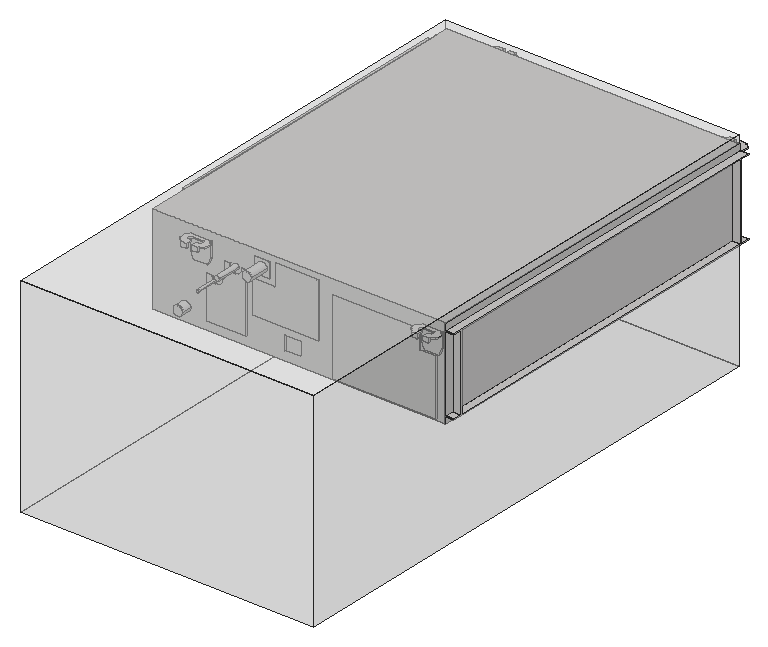
Revit family "outputfile", category 機械設備, Revit 2024
Family settings
  丸型コネクタ寸法 = 半径を使用
  パーツ タイプ = 標準
  OmniClass 番号 = 23.75.10.24.21.27.27
  OmniClass タイトル = Split System Air Conditioning Units
  作業面ベース = いいえ
  常に垂直 = はい
  ロード時にボイドで切り取り = いいえ
  注釈の向きを維持 = いいえ
  共有 = いいえ
  部屋計算ポイント = はい
Parameters (values of type "FMA60RVM4")
  Description = ""
  製造元 = "Daikin"
  書き出し IFC クラス(タイプ) = "IfcUnitaryEquipmentType"
  定義済み IFC タイプ(タイプ) = "AIRCONDITIONINGUNIT"
  Cost = 0
  モデル = "FMA60RVM4"
  Type Comments = ""
  Keynote = ""
  Type Image = (empty or 0)
  Assembly Code = ""
  switch_frequency = yes
  r_Liquid Pipe Size = Liquid Pipe Size / 2  # 3.2 mm
  r_Gas Pipe Size = Gas Pipe Size / 2  # 6.35 mm
  r_Drain Pipe Size = Drain Pipe Size / 2  # 12.5 mm
  lw_power = 770.0 mm  # constant formula
  lh_SA = 138.0 mm  # constant formula
  lw_SA = if(Depth = 550.0 mm, 225.0 mm, if(Depth = 700.0 mm, 300.0 mm, if(Depth = 1000.0 mm, 450.0 mm, if(Depth = 1400.0 mm, 650.0 mm, 725.0 mm))))  # 450.0 mm
  lw_RA = if(Depth = 550.0 mm, 275.0 mm, if(Depth = 700.0 mm, 349.0 mm, if(Depth = 1000.0 mm, 499.0 mm, if(Depth = 1400.0 mm, 699.0 mm, 775.0 mm))))  # 499.0 mm
  lh_power = 60.0 mm + [h***]  # 60.0 mm
  lh_mountinghole1 = lh_mountinghole + [h***]  # 222.0 mm
  lh_RA = 123.0 mm  # constant formula
  ld_power = Depth / 2  # 500.0 mm
  connector_voltage = Voltage_50Hz  # 230 V
  connector_powerinput = [Power Input (Cooling)]  # 0.000 kW
  connector_phase = Phase_50Hz  # 1
  Voltage_comment_50Hz = "220 - 240"
  Voltage_50Hz = 230 V
  URL = ""
  Supply Air Direction [instance] = yes
  Sound Power Level_H speed (dB) = 0
  Phase_50Hz = 1
  Minimum External Static Pressure = 50.00 Pa
  Minimum Circuit Amps_50Hz = 0.0 A
  Maximum Fuse Amps_50Hz = 0.0 A
  Maximum External Static Pressure = 150.00 Pa
  Material_Casing = DAIKIN_GalvanizedSteel_Casing_indoorunit
  lw_mountinghole = 630.0 mm  # constant formula
  lh_gaspipe = 183.0 mm + [h***]  # 183.0 mm
  lh_mountinghole = 222.0 mm  # constant formula
  lh_liquidpipe = 136.0 mm + [h***]  # 136.0 mm
  lh_drainpipe = 207.0 mm + [h***]  # 207.0 mm
  lh_antena = Height - lh_mountinghole + 1.0 mm  # 24.0 mm
  ld_drainpipe = Depth / 2 + 53.0 mm  # 553.0 mm
  ld_liquidpipe = Depth / 2 + 69.0 mm  # 569.0 mm
  ld_gaspipe = Depth / 2 + 65.0 mm  # 565.0 mm
  ld_mountinghole = Depth + 38.0 mm  # 1038.0 mm
  h*** = 0.0 mm  # constant formula
  lw_liquidpipe = 179.0 mm  # constant formula
  lw_gaspipe = 229.0 mm  # constant formula
  lw_drainpipe = 300.0 mm  # constant formula
  Width = 800.0 mm
  Version = "ver.1.0"
  Unit Type = "Duct (M.S.P)"
  Unit Mass Weight = 37.00 kg
  Unit Designation [instance] = ""
  Uniclass2015Version = "Products v1.30"
  Uniclass2015Title = "Split coil room air conditioning units"
  Uniclass2015Code = "Pr_70_65_03_86"
  Total Cooling Capacity [instance] = 0.000 kW
  Sound Pressure Level_M speed (dBA) = 33
  Sound Pressure Level_L speed (dBA) = 31
  Sound Pressure Level_H speed (dBA) = 35
  Series = "Multi Split_Fan Coil Unit"
  Sensible Cooling Capacity [instance] = 0.000 kW
  SA Duct Size Width = 792.0 mm
  SA Duct Size Height = 176.0 mm
  Refrigerant Type = "R32"
  RA Duct Size Width = 952.0 mm
  RA Duct Size Height = 208.0 mm
  Power Input (Cooling) = 0.000 kW
  Option Accessory 3 [instance] = ""
  Option Accessory 2 [instance] = ""
  Option Accessory 1 [instance] = ""
  Nominal Cooling Capacity = 6.000 kW
  Minimum Airflow = 750.00 m³/h
  Median Airflow = 900.00 m³/h
  Maximum Airflow = 1080.00 m³/h
  Load Classification = HVAC
  Liquid Pipe Size = 6.4 mm
  Link_Nested Family [instance] = ""
  IfcVersion = ""
  IfcExportType = "AIRCONDITIONINGUNIT"
  IfcExportAs = "IfcUnitaryEquipmentType"
  Height = 245.0 mm
  Heat Exchanger Type = "Cross Fin Coil"
  Gas Pipe Size = 12.7 mm
  Frequency_50Hz = 50 Hz
  Fan Type = "Sirocco Fan"
  Fan Drive = "Direct Drive"
  FCU Tag No. [instance] = ""
  Drain Pipe Size = 25.0 mm
  Design Supply Airflow [instance] = 0.00 m³/h
  Design Return Airflow [instance] = 0.00 m³/h
  Design External Static Pressure [instance] = 0.00 Pa
  Depth = 1000.0 mm
  既定の高さ = 0.0 mm
  Cooling Entering Wet Bulb Temperature [instance] = 0.00 °C
  Cooling Entering Dry Bulb Temperature [instance] = 0.00 °C
  Cooling Ambient Wet Bulb Temperature [instance] = 0.00 °C
  Cooling Ambient Dry Bulb Temperature [instance] = 0.00 °C
  Clearance visibility [instance] = yes
  Clearance Top = 20.0 mm
  Clearance Right = 0.0 mm
  Clearance Rear = 0.0 mm
  Clearance Left = 0.0 mm
  Clearance Front = 450.0 mm
  Clearance Bottom = 300.0 mm
Reference planes
  plane 1 "Center (Front/Back)": y = 0
  plane 2 "h": z = 0
  plane 3 "Center (Left/Right)": x = 0
  plane 4 "Back": y = 500
  plane 5 "Front": y = -500
  plane 6 "Left": x = -400
  plane 7 "Right": x = 400
  plane 8 "Top": z = 0
  plane 9 "Bottom": z = -245
  plane 10: y = -215
  plane 11: y = 500
  plane 12: y = -950
  plane 13: x = -400
  plane 14: x = 400
  plane 15: z = 20
  plane 16: z = -545
  plane 17: x = -400
  plane 18: x = -399
  plane 19: x = 399
  plane 20: y = 50
  plane 21: y = -1
  plane 22: z = -122
  plane 23: y = -501
  plane 24: z = -109
  plane 25: x = -221
  plane 26: y = -565
  plane 27: z = -62
  plane 28: x = -171
  plane 29: y = -553
  plane 30: z = -38
  plane 31: x = -100
  plane 32: x = -100
  plane 33: x = -221
  plane 34: x = -171
  plane 35: x = 370
  plane 36: x = -266
  plane 37: x = 364
  plane 38: y = -519
  plane 39: y = 519
  plane 40: z = -23
  plane 41: z = -107
  plane 42: y = -569
  plane 43: z = -207
  plane 44: x = -309
  plane 45: y = -526
  plane 46: x = -251
  plane 47: x = -203
  plane 48: x = -144
  plane 49: z = -59
  plane 50: z = -106
  plane 51: z = -221
  plane 52: z = -109
  plane 53: x = -221
  plane 54: z = -62
  plane 55: x = -171
  plane 56: z = -17
  plane 57: z = -59
  plane 58: x = -121
  plane 59: x = -79
  plane 60: x = -125
  plane 61: x = -64
  plane 62: x = 53
  plane 63: z = -164
  plane 64: z = -73
  plane 65: z = -16
  plane 66: x = 93.5
  plane 67: x = 374.5
  plane 68: x = 330
  plane 69: z = -88.5
  plane 70: z = -38
  plane 71: z = -242.5
  plane 72: x = -38.5
  plane 73: x = 6.5
  plane 74: z = -181
  plane 75: z = -221
  plane 76: y = -499
  plane 77: x = -424
  plane 78: x = 424
Forms (mm)
  Extrusion 1, solid, material "DAIKIN_GalvanizedSteel_Casing_indoorunit" <- "Material_Casing"
    sketch origin (0, 0, 0) x (1, 0, 0) y (0, 1, 0)
      loop
        line (-399, 500) -> (-399, -500) -> (399, -500) -> (399, 500) -> (-399, 500)
    from -245 to 0
  Extrusion 2, solid, material "DAIKIN_GalvanizedSteel_Casing_indoorunit" <- "Material_Casing"
    sketch origin (0, 0, 0) x (1, 0, 0) y (0, 0, 1)
      loop
        line (-251, -221) -> (-144, -221) -> (-144, -59) -> (-154.47, -59)
        arc (-154.47, -59) -> (-171, -78.8) -> (-187.53, -59) r 16.8
        line (-187.53, -59) -> (-203, -59) -> (-203, -106) -> (-206.916, -106)
        arc (-206.916, -106) -> (-221, -123.4) -> (-235.084, -106) r 14.4
        line (-235.084, -106) -> (-251, -106) -> (-251, -221)
    from 500 to 501
  Extrusion 3, solid, material "DAIKIN_GalvanizedSteel_Casing_indoorunit" <- "Material_Casing"
    sketch origin (0, 0, 0) x (1, 0, 0) y (0, 0, 1)
      loop
        line (-121, -17) -> (-121, -59) -> (-79, -59) -> (-79, -17) -> (-121, -17)
      loop
        line (-125, -73) -> (-125, -164) -> (53, -164) -> (53, -16) -> (-64, -16) -> (-64, -73) -> (-125, -73)
    from 500 to 501
  Extrusion 4, solid, material "DAIKIN_GalvanizedSteel_Casing_indoorunit" <- "Material_Casing"
    sketch origin (0, 0, 0) x (1, 0, 0) y (0, 0, 1)
      loop
        line (93.5, -38) -> (93.5, -242.5) -> (374.5, -242.5) -> (374.5, -88.5) -> (330, -88.5) -> (330, -38) -> (93.5, -38)
    from 500 to 501
  Extrusion 5, solid, material "DAIKIN_GalvanizedSteel_Casing_indoorunit" <- "Material_Casing"
    sketch origin (0, 0, 0) x (1, 0, 0) y (0, 0, 1)
      loop
        circle (-221, -109) r 3.2
    from 500 to 569
  Extrusion 6, solid, material "DAIKIN_GalvanizedSteel_Casing_indoorunit" <- "Material_Casing"
    sketch origin (0, 0, 0) x (1, 0, 0) y (0, 0, 1)
      loop
        circle (-171, -62) r 6.35
    from 500 to 565
  Extrusion 7, solid, material "DAIKIN_GalvanizedSteel_Casing_indoorunit" <- "Material_Casing"
    sketch origin (0, 0, 0) x (1, 0, 0) y (0, 0, 1)
      loop
        circle (-100, -38) r 12.5
    from 501 to 553
  Extrusion 8, solid, material "DAIKIN_GalvanizedSteel_Casing_indoorunit" <- "Material_Casing"
    sketch origin (0, 0, 0) x (1, 0, 0) y (0, 0, 1)
      loop
        circle (-309, -207) r 13
    from 500 to 526
  Extrusion 9, void
    sketch origin (0, 0, 0) x (1, 0, 0) y (0, 0, 1)
      loop
        line (-38.5, -181) -> (-38.5, -221) -> (6.5, -221) -> (6.5, -181) -> (-38.5, -181)
    from 499 to 500
Cuts and joins
  Extrusion 9 cuts Extrusion 1
Dimensions and locks
  "Height": plane 8 "Top" to plane 9 "Bottom"
  equal spacing: plane 4 "Back", plane 1 "Center (Front/Back)", plane 5 "Front"
  "Depth": plane 4 "Back" to plane 5 "Front"
  equal spacing: plane 6 "Left", plane 3 "Center (Left/Right)", plane 7 "Right"
  "Width": plane 6 "Left" to plane 7 "Right"
  "Clearance Left": plane 13 to plane 6 "Left"
  "Clearance Right": plane 7 "Right" to plane 14
  "Clearance Rear": plane 11 to plane 4 "Back"
  "Clearance Front": plane 5 "Front" to plane 12
  "Clearance Top": plane 15 to plane 8 "Top"
  "Clearance Bottom": plane 9 "Bottom" to plane 16
  locked: plane 17 to plane 18 at 1
  locked: plane 19 to plane 14 at 1
  "lw_SA": plane 11 to plane 20
  "lw_RA": plane 21 to plane 5 "Front"
  "lh_RA": plane 22 to plane 9 "Bottom"
  locked: plane 5 "Front" to plane 23 at 1
  "lw_liquidpipe": plane 25 to plane 6 "Left"
  "lh_liquidpipe": plane 24 to plane 9 "Bottom"
  "lh_gaspipe": plane 27 to plane 9 "Bottom"
  "lw_gaspipe": plane 28 to plane 6 "Left"
  "ld_gaspipe": plane 26 to plane 1 "Center (Front/Back)"
  "ld_drainpipe": plane 29 to plane 1 "Center (Front/Back)"
  "lh_drainpipe": plane 30 to plane 9 "Bottom"
  "lw_drainpipe": plane 31 to plane 6 "Left"
  "lw_drainpipe": plane 6 "Left" to plane 32
  "lw_liquidpipe": plane 6 "Left" to plane 33
  "lw_gaspipe": plane 6 "Left" to plane 34
  "lw_power": plane 6 "Left" to plane 35
  locked: plane 17 to plane 36 at 134
  "lw_mountinghole": plane 36 to plane 37
  equal spacing: plane 38, plane 1 "Center (Front/Back)", plane 39
  "ld_mountinghole": plane 39 to plane 38
  "lh_mountinghole": plane 40 to plane 9 "Bottom"
  "lh_SA": plane 41 to plane 9 "Bottom"
  locked: plane 44 to plane 6 "Left" at 91
  locked: plane 43 to plane 9 "Bottom" at 38
  plane 48 to plane 47 to plane 46 to plane 6 "Left" = 59.0 mm, 48.0 mm, 149.0 mm
  plane 8 "Top" to plane 49 to plane 50 to plane 51 = 59.0 mm locked, 47.0 mm locked, 115.0 mm locked
  plane 55 to plane 53 to plane 6 "Left" = 50.0 mm locked, 179.0 mm locked
  plane 54 to plane 52 to plane 9 "Bottom" = 47.0 mm locked, 136.0 mm locked
  plane 59 to plane 58 to plane 6 "Left" = 42.0 mm locked, 279.0 mm locked
  plane 8 "Top" to plane 56 to plane 57 = 17.0 mm locked, 42.0 mm locked
  plane 62 to plane 61 to plane 60 to plane 6 "Left" = 117.0 mm, 61.0 mm, 275.0 mm
  plane 8 "Top" to plane 65 to plane 64 = 16.0 mm locked, 57.0 mm locked
  locked: plane 65 to plane 63 at 148
  plane 8 "Top" to plane 70 to plane 69 to plane 71 = 38.0 mm locked, 50.5 mm locked, 154.0 mm locked
  plane 67 to plane 68 to plane 66 to plane 6 "Left" = 44.5 mm locked, 236.5 mm locked, 493.5 mm locked
  plane 8 "Top" to plane 74 to plane 75 = 181.0 mm locked, 40.0 mm locked
  plane 73 to plane 72 to plane 6 "Left" = 45.0 mm, 361.5 mm
  locked: plane 76 to plane 5 "Front" at 1
  locked: plane 77 to plane 17 at 24
  locked: plane 14 to plane 78 at 24
  "ld_liquidpipe": plane 42 to plane 1 "Center (Front/Back)"
  "r_Liquid Pipe Size": radius of Extrusion 5 sketch curve
  "r_Gas Pipe Size": radius of Extrusion 6 sketch curve
  "r_Drain Pipe Size": radius of Extrusion 7 sketch curve
  aligned and locked: level to plane 2 "h"
  aligned and locked: plane 8 "Top" to Extrusion 1
  aligned and locked: Extrusion 1 to plane 9 "Bottom"
  aligned and locked: nested 5 to plane 12
  aligned and locked: plane 13 to nested 5
  aligned and locked: plane 14 to nested 5
  aligned and locked: nested 5 to plane 13
  aligned and locked: plane 11 to nested 5
  aligned and locked: plane 15 to nested 5
  aligned and locked: plane 16 to nested 5
  aligned and locked: plane 5 "Front" to Extrusion 1 sketch curve
  aligned and locked: Extrusion 1 to plane 18
  aligned and locked: plane 19 to Extrusion 1
  aligned and locked: nested 7 to plane 18
  aligned and locked: nested 7 to plane 20
  aligned and locked: plane 19 to nested 8
  aligned and locked: plane 21 to nested 8
  aligned and locked: plane 22 to nested 8
  aligned and locked: Extrusion 2 to plane 23
  aligned and locked: plane 5 "Front" to Extrusion 2
  aligned and locked: Extrusion 3 to plane 23
  aligned and locked: plane 5 "Front" to Extrusion 3
  aligned and locked: plane 5 "Front" to Extrusion 4
  aligned and locked: Extrusion 5 sketch curve to plane 25
  aligned and locked: plane 24 to Extrusion 5 sketch curve
  aligned and locked: plane 5 "Front" to Extrusion 5
  aligned and locked: Extrusion 6 sketch curve to plane 28
  aligned and locked: plane 27 to Extrusion 6 sketch curve
  aligned and locked: plane 5 "Front" to Extrusion 6
  aligned and locked: Extrusion 7 sketch curve to plane 31
  aligned and locked: Extrusion 7 sketch curve to plane 30
  aligned and locked: Extrusion 7 to plane 29
  aligned and locked: plane 23 to Extrusion 7
  aligned and locked: nested 3 to plane 29
  aligned and locked: plane 32 to nested 3
  aligned and locked: nested 2 to plane 33
  aligned and locked: nested 1 to plane 34
  aligned and locked: Extrusion 6 to plane 26
  aligned and locked: nested 1 to plane 26
  aligned and locked: nested 6 to plane 5 "Front"
  aligned and locked: nested 6 to plane 35
  aligned and locked: plane 36 to nested 10
  aligned and locked: nested 10 to plane 5 "Front"
  aligned and locked: plane 37 to nested 9
  aligned and locked: nested 9 to plane 5 "Front"
  aligned and locked: nested 11 to plane 36
  aligned and locked: plane 4 "Back" to nested 11
  aligned and locked: nested 12 to plane 37
  aligned and locked: plane 4 "Back" to nested 12
  aligned and locked: plane 40 to nested 10
  aligned and locked: plane 40 to nested 11
  aligned and locked: plane 40 to nested 9
  aligned and locked: plane 40 to nested 12
  aligned and locked: plane 36 to nested 14
  aligned and locked: nested 14 to plane 39
  aligned and locked: plane 37 to nested 13
  aligned and locked: nested 13 to plane 39
  aligned and locked: plane 37 to nested 16
  aligned and locked: plane 38 to nested 16
  aligned and locked: plane 38 to nested 15
  aligned and locked: plane 36 to nested 15
  aligned and locked: plane 17 to plane 6 "Left"
  aligned and locked: plane 41 to nested 7
  aligned and locked: Extrusion 5 to plane 42
  aligned and locked: nested 2 to plane 42
  aligned and locked: Extrusion 8 sketch curve to plane 44
  aligned and locked: plane 43 to Extrusion 8 sketch curve
  aligned and locked: plane 5 "Front" to Extrusion 8
  aligned and locked: plane 45 to Extrusion 8
  aligned and locked: Extrusion 3 sketch curve to plane 56
  aligned and locked: Extrusion 3 sketch curve to plane 58
  aligned and locked: plane 57 to Extrusion 3 sketch curve
  aligned and locked: plane 59 to Extrusion 3 sketch curve
  aligned and locked: Extrusion 4 to plane 23
  aligned and locked: Extrusion 9 sketch curve to plane 74
  aligned and locked: plane 75 to Extrusion 9 sketch curve
  aligned and locked: plane 73 to Extrusion 9 sketch curve
  aligned and locked: plane 5 "Front" to Extrusion 9
  aligned and locked: plane 76 to Extrusion 9
  aligned and locked: nested 17 to plane 20
  aligned and locked: nested 17 to plane 77
  aligned and locked: plane 21 to nested 18
  aligned and locked: plane 78 to nested 18
  aligned and locked: plane 41 to nested 17
  aligned and locked: nested 18 to plane 22
  aligned and locked: nested 4 to plane 3 "Center (Left/Right)"
  aligned and locked: plane 1 "Center (Front/Back)" to nested 4
  aligned and locked: level to plane 8 "Top"
Automatic sketch dimensions
  plane 6 "Left" to Extrusion 1 sketch curve = 1.0 mm
  Extrusion 1 sketch curve to plane 7 "Right" = 1.0 mm
  Extrusion 1 sketch curve to plane 4 "Back" = 0.0 mm
  Extrusion 2 sketch curve to plane 46 = 0.0 mm
  Extrusion 2 sketch curve to plane 33 = 0.0 mm
  Extrusion 2 sketch curve to plane 47 = 0.0 mm
  Extrusion 2 sketch curve to plane 34 = 0.0 mm
  Extrusion 2 sketch curve to plane 48 = 0.0 mm
  Extrusion 2 sketch curve to plane 51 = 0.0 mm
  Extrusion 2 sketch curve to plane 52 = 0.0 mm
  Extrusion 2 sketch curve to plane 50 = 0.0 mm  (x3)
  Extrusion 2 sketch curve to plane 54 = 0.0 mm
  Extrusion 2 sketch curve to plane 49 = 0.0 mm  (x3)
  plane 33 to Extrusion 2 sketch curve = 14.084 mm
  plane 34 to Extrusion 2 sketch curve = 16.53 mm
  Extrusion 3 sketch curve to plane 60 = 0.0 mm
  Extrusion 3 sketch curve to plane 61 = 0.0 mm
  Extrusion 3 sketch curve to plane 62 = 0.0 mm
  Extrusion 3 sketch curve to plane 63 = 0.0 mm
  Extrusion 3 sketch curve to plane 64 = 0.0 mm
  Extrusion 3 sketch curve to plane 65 = 0.0 mm
  Extrusion 4 sketch curve to plane 66 = 0.0 mm
  Extrusion 4 sketch curve to plane 68 = 0.0 mm
  Extrusion 4 sketch curve to plane 67 = 0.0 mm
  Extrusion 4 sketch curve to plane 71 = 0.0 mm
  Extrusion 4 sketch curve to plane 69 = 0.0 mm
  Extrusion 4 sketch curve to plane 70 = 0.0 mm
  Extrusion 9 sketch curve to plane 72 = 0.0 mm
  radius of Extrusion 8 sketch curve = 13.0 mm
Nested families
  nested 1: "daikin_connector_rotate2" at (-171, 0, -62), length <- "ld_gaspipe", built-in parameter 1001364 <- "lh_gaspipe", radius <- "r_Gas Pipe Size", type "daikin_connector_rotate2"
    with radius 6.35 mm, length 565.0 mm, angle_vertical 90.00°
  nested 2: "daikin_connector_rotate2" at (-221, 0, -109), length <- "ld_liquidpipe", built-in parameter 1001364 <- "lh_liquidpipe", radius <- "r_Liquid Pipe Size", type "daikin_connector_rotate2"
    with radius 3.2 mm, length 569.0 mm, angle_vertical 90.00°
  nested 3: "daikin_connector_rotate2" at (-100, 0, -38), length <- "ld_drainpipe", built-in parameter 1001364 <- "lh_drainpipe", radius <- "r_Drain Pipe Size", type "daikin_connector_rotate2"
    with radius 12.5 mm, length 553.0 mm, angle_vertical 90.00°
  nested 4: "daikin_△_symbolicline" at (0, 0, 245) x (0, -1, 0) z (0, 0, 1), built-in parameter 1001364 <- "Height", visible <- "Supply Air Direction", type "daikin_△_symbolicline"
    with length 200.0 mm
  nested 5: "daikin_clearancespace" at (0, -225, -262.381), visible <- "Clearance visibility", show <- "Clearance visibility", Link_Nested Family <- "Link_Nested Family", type "daikin_clearancespace"
    with width 800.0 mm, show yes, height 565.0 mm, depth 1450.0 mm, Link_Nested Family ""
  nested 6: "daikin_connector_rotate2" at (370, 0, -185), built-in parameter 1001364 <- "lh_power", length <- "ld_power", type "daikin_connector_rotate2"
    with radius 10.0 mm, length 500.0 mm, angle_vertical 90.00°
  nested 7: "daikin_ductflange_FMA-RVM42" at (-399, 50, -107) x (0, -1, 0) z (0, 0, 1), type "daikin_ductflange_FMA-RVM42"
    with width 792.0 mm, w 1000.0 mm
  nested 8: "daikin_ductflange_FMA-RVM4" at (399, -1, -122) x (0, 1, 0) z (0, 0, 1), type "daikin_ductflange_FMA-RVM4"
    with width 952.0 mm, lw 25.0 mm, w 1000.0 mm
  nested 9: "daikin_hangerfixture_FMA-RVM4" at (364, -500, -23), type "daikin_hangerfixture_FMA-RVM4"
  nested 10: "daikin_hangerfixture_FMA-RVM4" at (-266, -500, -23), type "daikin_hangerfixture_FMA-RVM4"
  nested 11: "daikin_hangerfixture_FMA-RVM4" at (-266, 500, -23) x (-1, 0, 0) z (0, 0, 1), type "daikin_hangerfixture_FMA-RVM4"
  nested 12: "daikin_hangerfixture_FMA-RVM4" at (364, 500, -23) x (-1, 0, 0) z (0, 0, 1), type "daikin_hangerfixture_FMA-RVM4"
  nested 13: "daikin_mountinghole" at (364, 519, -245), h_mountinghole <- "lh_mountinghole1", l_antenna <- "lh_antena", Link_Nested Family <- "Link_Nested Family", type "daikin_mountinghole"
    with show yes, l_antenna 24.0 mm, h_mountinghole 222.0 mm, Link_Nested Family ""
  nested 14: "daikin_mountinghole" at (-266, 519, -245), h_mountinghole <- "lh_mountinghole1", l_antenna <- "lh_antena", Link_Nested Family <- "Link_Nested Family", type "daikin_mountinghole"
    with show yes, l_antenna 24.0 mm, h_mountinghole 222.0 mm, Link_Nested Family ""
  nested 15: "daikin_mountinghole" at (-266, -519, -245), h_mountinghole <- "lh_mountinghole1", l_antenna <- "lh_antena", Link_Nested Family <- "Link_Nested Family", type "daikin_mountinghole"
    with show yes, l_antenna 24.0 mm, h_mountinghole 222.0 mm, Link_Nested Family ""
  nested 16: "daikin_mountinghole" at (364, -519, -245), h_mountinghole <- "lh_mountinghole1", l_antenna <- "lh_antena", Link_Nested Family <- "Link_Nested Family", type "daikin_mountinghole"
    with show yes, l_antenna 24.0 mm, h_mountinghole 222.0 mm, Link_Nested Family ""
  nested 17: "daikin_connector_rotate2" at (-400, 50, -107) x (0, -1, 0) z (0, 0, 1), type "daikin_connector_rotate2"
    with radius 10.0 mm, length 24.0 mm, angle_vertical 90.00°
  nested 18: "daikin_connector_rotate2" at (400, -1, -122) x (0, 1, 0) z (0, 0, 1), type "daikin_connector_rotate2"
    with radius 10.0 mm, length 24.0 mm, angle_vertical 90.00°
Connectors
  piping at (-100, -553, -38), diameter 25, driven by "r_Drain Pipe Size"
    settings: on nested 3, index 3, connector inside diameter 609.6 mm, connector length 0.0 mm, flow factor 0, pipe flow 0.00 m³/h, pressure drop 0.0 Pa, fitting loss kfactor 0, connector angle 0.00°, fixture units 0, engagement length 0.0 mm, angle of deflection 0.00°, flow configuration 1, flow direction 2, fitting loss method 4, system type 16, joint type 0, gender type 0, connector reference index -1, connector utility 0, adjustable connector no, is connector primary yes, connector description "Condensate Drain Piping"
  piping at (-171, -565, -62), diameter 12.7, driven by "r_Gas Pipe Size"
    settings: on nested 1, index 4, connector inside diameter 609.6 mm, connector length 0.0 mm, flow factor 0, pipe flow 0.00 m³/h, pressure drop 0.0 Pa, fitting loss kfactor 0, connector angle 0.00°, fixture units 0, engagement length 0.0 mm, angle of deflection 0.00°, flow configuration 1, flow direction 2, fitting loss method 0, system type 29, joint type 0, gender type 0, connector reference index -1, connector utility 0, adjustable connector no, is connector primary no, connector description "Refrigerant Gas Piping"
  piping at (-221, -569, -109), diameter 6.4, driven by "r_Liquid Pipe Size"
    settings: on nested 2, index 5, connector inside diameter 609.6 mm, connector length 0.0 mm, flow factor 0, pipe flow 0.00 m³/h, pressure drop 0.0 Pa, fitting loss kfactor 0, connector angle 0.00°, fixture units 0, engagement length 0.0 mm, angle of deflection 0.00°, flow configuration 1, flow direction 1, fitting loss method 0, system type 29, joint type 0, gender type 0, connector reference index -1, connector utility 0, adjustable connector no, is connector primary no, connector description "Refrigerant Liquid Piping"
  electrical at (370, -500, -185), driven by "Load Classification", driven by "connector_phase", driven by "connector_powerinput", driven by "connector_voltage"
    settings: on nested 6, index 6, voltage 230 V, apparent load 0 VA, apparent load phase1 0 VA, apparent load phase2 0 VA, apparent load phase3 0 VA, power factor 1, load classification "HVAC", number of poles 1, system type 30, power factor state 1, is connector primary yes, connector utility no, sub classification motor no, connector description "Power Supply"
  hvac at (-424, 50, -107), driven by "SA Duct Size Height", driven by "SA Duct Size Width"
    settings: on nested 17, index 7, duct flow 0.00 m³/h, flow factor 0, pres drop 0.00 Pa, loss coef 0, conn angle 0.00°, conn width 792.0 mm, conn height 176.0 mm, conn diameter 609.6 mm, duct sys type 1, conn prof type 1, flow config 0, flow direction 2, loss method 4, conn ref index -1, conn util no, is conn primary yes, conn desc "SA Duct"
  hvac at (424, -1, -122), driven by "RA Duct Size Height", driven by "RA Duct Size Width"
    settings: on nested 18, index 8, duct flow 0.00 m³/h, flow factor 0, pres drop 0.00 Pa, loss coef 0, conn angle 0.00°, conn width 952.0 mm, conn height 208.0 mm, conn diameter 609.6 mm, duct sys type 2, conn prof type 1, flow config 0, flow direction 1, loss method 4, conn ref index -1, conn util no, is conn primary no, conn desc "RA Duct"
Definition of nested family "daikin_clearancespace"
  Parameters (values of type "daikin_clearancespace")
    Description = "daikin_clearancespace"
    width [instance] = 1823.963 mm
    show [instance] = yes
    material = none
    height [instance] = 1359.762 mm
    depth [instance] = 880.0 mm
    Default Elevation = 0.0 mm
    Link_Nested Family [instance] = ""
  Reference planes
    plane 1 "Center (Front/Back)": y = 0
    plane 2 "Center (Elevation)": z = -0.119
    plane 3 "Center (Left/Right)": x = 0
    plane 4: y = 440
    plane 5: y = -440
    plane 6 "Right": x = 911.982
    plane 7 "Left": x = -911.982
    plane 8 "Top": z = 679.762
    plane 9 "Bottom": z = -680
  Forms (mm)
    Extrusion 1, solid, material <- "material", visible <- "show"
      sketch origin (0, 0, 0) x (1, 0, 0) y (0, 1, 0)
        loop
          line (-911.982, 440) -> (-911.982, -440) -> (911.982, -440) -> (911.982, 440) -> (-911.982, 440)
      from -680 to 679.762
  Lines and regions (mm)
    symbolic lines, visible <- "show"
      curve 1: line (911.982, 440, 0) -> (-911.982, 440, 0)
      curve 2: line (-911.982, 440, 0) -> (-911.982, -440, 0)
      curve 3: line (-911.982, -440, 0) -> (911.982, -440, 0)
      curve 4: line (911.982, -440, 0) -> (911.982, 440, 0)
      curve 5: line (911.982, 0, 679.762) -> (-911.982, 0, 679.762)
      curve 6: line (911.982, 0, -680) -> (911.982, 0, 679.762)
      curve 7: line (-911.982, 0, -680) -> (911.982, 0, -680)
      curve 8: line (-911.982, 0, 679.762) -> (-911.982, 0, -680)
      curve 9: line (0, 440, 679.762) -> (0, -440, 679.762)
      curve 10: line (0, -440, 679.762) -> (0, -440, -680)
      curve 11: line (0, 440, -680) -> (0, 440, 679.762)
      curve 12: line (0, -440, -680) -> (0, 440, -680)
  Dimensions and locks
    "width": plane 7 "Left" to plane 6 "Right"
    "depth": plane 4 to plane 5
    "height": plane 8 "Top" to plane 9 "Bottom"
    equal spacing: plane 7 "Left", plane 3 "Center (Left/Right)", plane 6 "Right"
    equal spacing: plane 4, plane 1 "Center (Front/Back)", plane 5
    equal spacing: plane 8 "Top", plane 2 "Center (Elevation)", plane 9 "Bottom"
    aligned and locked: level to plane 2 "Center (Elevation)"
    aligned and locked: Extrusion 1 sketch curve to plane 4
    aligned and locked: plane 7 "Left" to Extrusion 1 sketch curve
    aligned and locked: Extrusion 1 sketch curve to plane 5
    aligned and locked: Extrusion 1 sketch curve to plane 6 "Right"
    aligned and locked: plane 8 "Top" to Extrusion 1
    aligned and locked: curve 1 to Extrusion 1
    aligned and locked: curve 2 to Extrusion 1
    aligned and locked: curve 3 to Extrusion 1
    aligned and locked: curve 4 to Extrusion 1
    aligned and locked: curve 5 to Extrusion 1
    aligned and locked: curve 6 to Extrusion 1
    aligned and locked: curve 7 to Extrusion 1
    aligned and locked: curve 8 to Extrusion 1
    aligned and locked: curve 9 to Extrusion 1
    aligned and locked: curve 10 to Extrusion 1
    aligned and locked: curve 11 to Extrusion 1
    aligned and locked: curve 12 to Extrusion 1
    aligned and locked: Extrusion 1 to plane 9 "Bottom"
Definition of nested family "daikin_ductflange_FMA-RVM42"
  Parameters (values of type "daikin_ductflange_FBFC-DVMG2")
    width = if(w = 550.0 mm, 337.0 mm, if(w = 700.0 mm, 492.0 mm, if(w = 1000.0 mm, 792.0 mm, if(w = 1400.0 mm, 1192.0 mm, 1337.0 mm))))  # 1192.0 mm
    material = none
    height = 215.0 mm
    depth = 1.0 mm
    w = 1400.0 mm
    Default Elevation = 0.0 mm
  Reference planes
    plane 1 "Center (Front/Back)": y = 0
    plane 2: z = 0
    plane 3 "Center (Left/Right)": x = 0
    plane 4: z = 88
    plane 5: z = -88
    plane 6: y = -25
    plane 7: z = 106
    plane 8: z = 89
    plane 9: y = -1
    plane 10: x = -617.5
    plane 11: x = 617.5
    plane 12: z = -106
    plane 13: z = -89
    plane 14: y = -1
    plane 15: x = 596
    plane 16: x = -596
    plane 17: x = 597
    plane 18: z = 87
    plane 19: z = -87
    plane 20: x = -597
    plane 21: z = 87
    plane 22: z = -87
    plane 23: y = -1
  Forms (mm)
    Extrusion 1, solid, material <- "material"
      sketch origin (0, 0, 0) x (0, 1, 0) y (0, 0, 1)
        loop
          line (-25, 88) -> (0, 88) -> (0, 106) -> (-1, 106) -> (-1, 89) -> (-25, 89) -> (-25, 88)
      from -617.5 to 617.5
    Extrusion 2, solid, material <- "material"
      sketch origin (0, 0, 0) x (0, 1, 0) y (0, 0, 1)
        loop
          line (-25, -88) -> (-25, -89) -> (-1, -89) -> (-1, -106) -> (0, -106) -> (0, -88) -> (-25, -88)
      from -617.5 to 617.5
    Extrusion 3, solid, material <- "material"
      sketch origin (0, 0, 0) x (1, 0, 0) y (0, 0, 1)
        loop
          line (596, 88) -> (596, -88) -> (617.5, -88) -> (617.5, -87) -> (597, -87) -> (597, 87) -> (617.5, 87) -> (617.5, 88) -> (596, 88)
      from 0 to 25
    Extrusion 4, solid, material <- "material"
      sketch origin (0, 0, 0) x (1, 0, 0) y (0, 0, 1)
        loop
          line (-617.5, 88) -> (-617.5, 87) -> (-597, 87) -> (-597, -87) -> (-617.5, -87) -> (-617.5, -88) -> (-596, -88) -> (-596, 88) -> (-617.5, 88)
      from 0 to 25
    Extrusion 5, solid, material <- "material"
      sketch origin (0, 0, 0) x (1, 0, 0) y (0, 0, 1)
        loop
          line (-617.5, 88) -> (-617.5, -88) -> (-596, -88) -> (-596, 88) -> (-617.5, 88)
        loop
          line (617.5, 88) -> (596, 88) -> (596, -88) -> (617.5, -88) -> (617.5, 88)
      from 0 to 1
  Cuts and joins
    joined: Extrusion 1, Extrusion 2, Extrusion 3, Extrusion 4, Extrusion 5
  Dimensions and locks
    plane 4 to level to plane 5 = 88.0 mm, 88.0 mm
    locked: plane 6 to plane 1 "Center (Front/Back)" at 25
    locked: plane 9 to plane 1 "Center (Front/Back)" at 1
    locked: plane 8 to plane 4 at 1
    locked: plane 16 to plane 10 at 21.5
    locked: plane 17 to plane 15 at 1
    locked: plane 4 to plane 18 at 1
    locked: plane 19 to plane 5 at 1
    "width": plane 15 to plane 16
    plane 4 to plane 5 = 176.0 mm
    locked: plane 16 to plane 20 at 1
    locked: plane 4 to plane 21 at 1
    locked: plane 22 to plane 5 at 1
    locked: plane 23 to plane 1 "Center (Front/Back)" at 1
    plane 4 to level to plane 5 = 88.0 mm locked, 88.0 mm locked
    locked: plane 5 to plane 13 at 1
    locked: plane 5 to plane 12 at 18
    locked: plane 7 to plane 4 at 18
    equal spacing: plane 15, plane 3 "Center (Left/Right)", plane 16
    locked: plane 11 to plane 15 at 21.5
    plane 11 to plane 10 = 1235.0 mm
    aligned and locked: level to plane 2
    aligned and locked: Extrusion 1 to plane 10
    aligned and locked: plane 11 to Extrusion 1
    aligned and locked: plane 5 to Extrusion 2
    aligned and locked: Extrusion 2 to plane 1 "Center (Front/Back)"
    aligned and locked: plane 15 to Extrusion 3 sketch curve
    aligned and locked: Extrusion 3 sketch curve to Extrusion 2  (x2)
    aligned and locked: Extrusion 3 sketch curve to plane 11
    aligned and locked: plane 6 to Extrusion 3
    aligned and locked: Extrusion 2 to plane 10
    aligned and locked: plane 11 to Extrusion 2
    aligned and locked: Extrusion 4 sketch curve to Extrusion 1  (x2)
    aligned and locked: plane 5 to Extrusion 4 sketch curve
    aligned and locked: Extrusion 4 sketch curve to plane 16
    aligned and locked: Extrusion 4 sketch curve to plane 22
    aligned and locked: plane 20 to Extrusion 4 sketch curve
    aligned and locked: plane 21 to Extrusion 4 sketch curve
    aligned and locked: Extrusion 4 to plane 1 "Center (Front/Back)"
    aligned and locked: plane 6 to Extrusion 4
    aligned and locked: Extrusion 5 sketch curve to Extrusion 1  (x4)
    aligned and locked: Extrusion 5 sketch curve to Extrusion 4  (x2)
    aligned and locked: Extrusion 5 sketch curve to Extrusion 3  (x2)
    aligned and locked: Extrusion 5 to plane 1 "Center (Front/Back)"
    aligned and locked: plane 23 to Extrusion 5
  Automatic sketch dimensions
    Extrusion 1 sketch curve to plane 6 = 0.0 mm
    Extrusion 1 sketch curve to plane 7 = 0.0 mm
    Extrusion 1 sketch curve to plane 9 = 0.0 mm
    Extrusion 1 sketch curve to plane 1 "Center (Front/Back)" = 0.0 mm
    Extrusion 1 sketch curve to plane 4 = 0.0 mm
    Extrusion 1 sketch curve to plane 8 = 0.0 mm
    Extrusion 2 sketch curve to plane 6 = 0.0 mm
    plane 12 to Extrusion 2 sketch curve = 0.0 mm
    Extrusion 2 sketch curve to plane 14 = 0.0 mm
    Extrusion 2 sketch curve to plane 1 "Center (Front/Back)" = 0.0 mm
    plane 13 to Extrusion 2 sketch curve = 0.0 mm
    Extrusion 2 sketch curve to plane 5 = 0.0 mm
    Extrusion 3 sketch curve to plane 17 = 0.0 mm
    Extrusion 3 sketch curve to plane 19 = 0.0 mm
    Extrusion 3 sketch curve to plane 18 = 0.0 mm
    Extrusion 3 sketch curve to plane 4 = 0.0 mm
    Extrusion 4 sketch curve to plane 10 = 0.0 mm
Definition of nested family "daikin_ductflange_FMA-RVM4"
  Parameters (values of type "daikin_ductflange_FBFC-DVMG")
    width = if(w = 550.0 mm, 502.0 mm, if(w = 700.0 mm, 654.0 mm, if(w = 1000.0 mm, 952.0 mm, if(w = 1400.0 mm, 1352.0 mm, 1502.0 mm))))  # 654.0 mm
    material = none
    lw = if(width = 654.0 mm, 23.0 mm, 25.0 mm)  # 23.0 mm
    height = 208.0 mm
    depth = 1.0 mm
    w = 700.0 mm
    Default Elevation = 0.0 mm
  Reference planes
    plane 1 "Center (Front/Back)": y = 0
    plane 2: z = 0
    plane 3 "Center (Left/Right)": x = 0
    plane 4: z = 104
    plane 5: z = -104
    plane 6: y = -25
    plane 7: z = 121
    plane 8: z = 105
    plane 9: y = -1
    plane 10: x = -350
    plane 11: x = 350
    plane 12: z = -122
    plane 13: z = -105
    plane 14: y = -1
    plane 15: x = 327
    plane 16: x = -327
    plane 17: x = 328
    plane 18: z = 103
    plane 19: z = -103
    plane 20: x = -328
    plane 21: z = 103
    plane 22: z = -103
    plane 23: y = -1
  Forms (mm)
    Extrusion 1, solid, material <- "material"
      sketch origin (0, 0, 0) x (0, 1, 0) y (0, 0, 1)
        loop
          line (-25, 104) -> (0, 104) -> (0, 121) -> (-1, 121) -> (-1, 105) -> (-25, 105) -> (-25, 104)
      from -350 to 350
    Extrusion 2, solid, material <- "material"
      sketch origin (0, 0, 0) x (0, 1, 0) y (0, 0, 1)
        loop
          line (-25, -104) -> (-25, -105) -> (-1, -105) -> (-1, -122) -> (0, -122) -> (0, -104) -> (-25, -104)
      from -350 to 350
    Extrusion 3, solid, material <- "material"
      sketch origin (0, 0, 0) x (1, 0, 0) y (0, 0, 1)
        loop
          line (327, 104) -> (327, -104) -> (350, -104) -> (350, -103) -> (328, -103) -> (328, 103) -> (350, 103) -> (350, 104) -> (327, 104)
      from 0 to 25
    Extrusion 4, solid, material <- "material"
      sketch origin (0, 0, 0) x (1, 0, 0) y (0, 0, 1)
        loop
          line (-350, 104) -> (-350, 103) -> (-328, 103) -> (-328, -103) -> (-350, -103) -> (-350, -104) -> (-327, -104) -> (-327, 104) -> (-350, 104)
      from 0 to 25
    Extrusion 5, solid, material <- "material"
      sketch origin (0, 0, 0) x (1, 0, 0) y (0, 0, 1)
        loop
          line (-350, 104) -> (-350, -104) -> (-327, -104) -> (-327, 104) -> (-350, 104)
        loop
          line (350, 104) -> (327, 104) -> (327, -104) -> (350, -104) -> (350, 104)
      from 0 to 1
  Cuts and joins
    joined: Extrusion 1, Extrusion 2, Extrusion 3, Extrusion 4, Extrusion 5
  Dimensions and locks
    plane 4 to level to plane 5 = 104.0 mm, 104.0 mm
    locked: plane 6 to plane 1 "Center (Front/Back)" at 25
    locked: plane 9 to plane 1 "Center (Front/Back)" at 1
    locked: plane 8 to plane 4 at 1
    "lw": plane 11 to plane 15
    "lw": plane 16 to plane 10
    locked: plane 17 to plane 15 at 1
    locked: plane 4 to plane 18 at 1
    locked: plane 19 to plane 5 at 1
    "width": plane 15 to plane 16
    equal spacing: plane 15, plane 3 "Center (Left/Right)", plane 16
    locked: plane 16 to plane 20 at 1
    locked: plane 4 to plane 21 at 1
    locked: plane 22 to plane 5 at 1
    locked: plane 23 to plane 1 "Center (Front/Back)" at 1
    locked: plane 7 to plane 4 at 17
    locked: plane 1 "Center (Front/Back)" to plane 14 at 1
    locked: plane 5 to plane 13 at 1
    "height": plane 4 to plane 5
    plane 11 to plane 10 = 700.0 mm
    locked: plane 12 to plane 13 at 17
    equal spacing: plane 4, level, plane 5
    aligned and locked: level to plane 2
    aligned and locked: Extrusion 1 to plane 10
    aligned and locked: plane 11 to Extrusion 1
    aligned and locked: plane 5 to Extrusion 2
    aligned and locked: Extrusion 2 to plane 1 "Center (Front/Back)"
    aligned and locked: plane 15 to Extrusion 3 sketch curve
    aligned and locked: Extrusion 3 sketch curve to Extrusion 2  (x2)
    aligned and locked: Extrusion 3 sketch curve to plane 11
    aligned and locked: plane 6 to Extrusion 3
    aligned and locked: Extrusion 2 to plane 10
    aligned and locked: plane 11 to Extrusion 2
    aligned and locked: Extrusion 4 sketch curve to Extrusion 1  (x2)
    aligned and locked: plane 5 to Extrusion 4 sketch curve
    aligned and locked: Extrusion 4 sketch curve to plane 16
    aligned and locked: Extrusion 4 sketch curve to plane 22
    aligned and locked: plane 20 to Extrusion 4 sketch curve
    aligned and locked: plane 21 to Extrusion 4 sketch curve
    aligned and locked: Extrusion 4 to plane 1 "Center (Front/Back)"
    aligned and locked: plane 6 to Extrusion 4
    aligned and locked: Extrusion 5 sketch curve to Extrusion 1  (x4)
    aligned and locked: Extrusion 5 sketch curve to Extrusion 4  (x2)
    aligned and locked: Extrusion 5 sketch curve to Extrusion 3  (x2)
    aligned and locked: Extrusion 5 to plane 1 "Center (Front/Back)"
    aligned and locked: plane 23 to Extrusion 5
  Automatic sketch dimensions
    Extrusion 1 sketch curve to plane 6 = 0.0 mm
    Extrusion 1 sketch curve to plane 7 = 0.0 mm
    Extrusion 1 sketch curve to plane 9 = 0.0 mm
    Extrusion 1 sketch curve to plane 1 "Center (Front/Back)" = 0.0 mm
    Extrusion 1 sketch curve to plane 4 = 0.0 mm
    Extrusion 1 sketch curve to plane 8 = 0.0 mm
    Extrusion 2 sketch curve to plane 6 = 0.0 mm
    plane 12 to Extrusion 2 sketch curve = 0.0 mm
    Extrusion 2 sketch curve to plane 14 = 0.0 mm
    Extrusion 2 sketch curve to plane 1 "Center (Front/Back)" = 0.0 mm
    plane 13 to Extrusion 2 sketch curve = 0.0 mm
    Extrusion 2 sketch curve to plane 5 = 0.0 mm
    Extrusion 3 sketch curve to plane 17 = 0.0 mm
    Extrusion 3 sketch curve to plane 19 = 0.0 mm
    Extrusion 3 sketch curve to plane 18 = 0.0 mm
    Extrusion 3 sketch curve to plane 4 = 0.0 mm
    Extrusion 4 sketch curve to plane 10 = 0.0 mm
Definition of nested family "daikin_hangerfixture_FMA-RVM4"
  Parameters (values of type "daikin_hangerfixture_FXMQ-PAVE")
    width = 72.0 mm
    material = none
    height = 60.0 mm
    depth = 41.0 mm
    Default Elevation = 0.0 mm
  Reference planes
    plane 1 "Center (Front/Back)": y = 0
    plane 2: z = 0
    plane 3 "Center (Left/Right)": x = 0
    plane 4: y = 417.146
    plane 5: y = -41
    plane 6: x = -36
    plane 7: x = 36
    plane 8: z = -2.3
    plane 9: z = -60
    plane 10: y = -2.3
    plane 11: z = -12
    plane 12: y = -38.7
  Forms (mm)
    Extrusion 1, solid, material <- "material"
      sketch origin (0, 0, 0) x (1, 0, 0) y (0, 1, 0)
        loop
          line (-28, 0) -> (-28, -5)
          arc (-28, -5) -> (-29.127, -8.162) -> (-32, -9.899) r 5
          arc (-32, -9.899) -> (-34.873, -11.636) -> (-36, -14.798) r 5
          line (-36, -14.798) -> (-36, -27.178)
          arc (-36, -27.178) -> (-35.429, -29.499) -> (-33.846, -31.289) r 5
          line (-33.846, -31.289) -> (-23, -38.798) -> (-23, -41.098) -> (-6.5, -41.098) -> (-6.5, -28.498)
          arc (-6.5, -28.498) -> (-7.379, -26.377) -> (-9.5, -25.498) r 3
          line (-9.5, -25.498) -> (-13.5, -25.498)
          arc (-13.5, -25.498) -> (-20, -18.998) -> (-13.5, -12.498) r 6.5
          line (-13.5, -12.498) -> (13.5, -12.498)
          arc (13.5, -12.498) -> (20, -18.998) -> (13.5, -25.498) r 6.5
          line (13.5, -25.498) -> (9.5, -25.498)
          arc (9.5, -25.498) -> (7.379, -26.377) -> (6.5, -28.498) r 3
          line (6.5, -28.498) -> (6.5, -41.098) -> (23, -41.098) -> (23, -38.798) -> (33.846, -31.289)
          arc (33.846, -31.289) -> (35.429, -29.499) -> (36, -27.178) r 5
          line (36, -27.178) -> (36, -14.596)
          arc (36, -14.596) -> (34.873, -11.434) -> (32, -9.697) r 5
          arc (32, -9.697) -> (29.127, -7.96) -> (28, -4.798) r 5
          line (28, -4.798) -> (28, 0) -> (-28, 0)
      from 0 to -2.3
    Extrusion 2, solid, material <- "material"
      sketch origin (0, 0, 0) x (1, 0, 0) y (0, 0, 1)
        loop
          line (28, -39.037) -> (28, 0) -> (-28, 0) -> (-28, -39.037)
          arc (-28, -39.037) -> (-27.91, -39.983) -> (-27.642, -40.894) r 5
          line (-27.642, -40.894) -> (-21.257, -56.857)
          arc (-21.257, -56.857) -> (-19.418, -59.14) -> (-16.615, -60) r 5
          line (-16.615, -60) -> (16.615, -60)
          arc (16.615, -60) -> (19.418, -59.14) -> (21.257, -56.857) r 5
          line (21.257, -56.857) -> (27.642, -40.894)
          arc (27.642, -40.894) -> (27.91, -39.983) -> (28, -39.037) r 5
      from 0 to 2.3
    Extrusion 3, solid, material <- "material"
      sketch origin (0, 0, 0) x (1, 0, 0) y (0, 0, 1)
        loop
          line (-23, 0) -> (-23, -9)
          arc (-23, -9) -> (-22.121, -11.121) -> (-20, -12) r 3
          line (-20, -12) -> (-9.5, -12)
          arc (-9.5, -12) -> (-7.379, -11.121) -> (-6.5, -9) r 3
          line (-6.5, -9) -> (-6.5, 0) -> (-23, 0)
        loop
          line (23, 0) -> (6.5, 0) -> (6.5, -9)
          arc (6.5, -9) -> (7.379, -11.121) -> (9.5, -12) r 3
          line (9.5, -12) -> (20, -12)
          arc (20, -12) -> (22.121, -11.121) -> (23, -9) r 3
          line (23, -9) -> (23, 0)
      from 38.8 to 41.098
  Cuts and joins
    joined: Extrusion 1, Extrusion 2, Extrusion 3
  Dimensions and locks
    plane 2 to plane 8 = 2.3 mm
    "height": plane 2 to plane 9
    locked: plane 10 to plane 1 "Center (Front/Back)" at 2.3
    locked: plane 2 to plane 11 at 12
    locked: plane 12 to plane 5 at 2.3
    aligned and locked: level to plane 2
    aligned and locked: Extrusion 1 to plane 8
    aligned and locked: plane 2 to Extrusion 1
    aligned and locked: plane 2 to Extrusion 2 sketch curve
    aligned and locked: Extrusion 2 to plane 10
    aligned and locked: Extrusion 2 to plane 1 "Center (Front/Back)"
    aligned and locked: Extrusion 3 sketch curve to cut or joined group of Extrusion 1, Extrusion 2, Extrusion 3  (x3)
    aligned and locked: cut or joined group of Extrusion 1, Extrusion 2, Extrusion 3 to Extrusion 3
  Automatic sketch dimensions
    Extrusion 2 sketch curve to plane 7 = 8.0 mm
    Extrusion 2 sketch curve to plane 8 = 36.737 mm
    plane 6 to Extrusion 2 sketch curve = 19.385 mm
    Extrusion 1 sketch curve to plane 6 = 0.0 mm
    plane 1 "Center (Front/Back)" to Extrusion 1 sketch curve = 0.0 mm
    Extrusion 1 sketch curve to plane 7 = 0.0 mm
    plane 6 to Extrusion 1 sketch curve = 2.154 mm
    plane 6 to Extrusion 1 sketch curve = 3.0 mm
    Extrusion 1 sketch curve to Extrusion 1 sketch curve = 5.0 mm  (x3)
    Extrusion 1 sketch curve to plane 12 = 0.098 mm  (x2)
    Extrusion 1 sketch curve to Extrusion 1 sketch curve = 4.0 mm  (x2)
    Extrusion 1 sketch curve to plane 5 = 0.098 mm  (x2)
    Extrusion 1 sketch curve to plane 3 "Center (Left/Right)" = 6.5 mm
    plane 3 "Center (Left/Right)" to Extrusion 1 sketch curve = 6.5 mm
    Extrusion 1 sketch curve to Extrusion 1 sketch curve = 3.0 mm
    Extrusion 1 sketch curve to plane 7 = 8.0 mm
    Extrusion 1 sketch curve to plane 7 = 5.0 mm
    Extrusion 1 sketch curve to plane 7 = 3.0 mm
    Extrusion 1 sketch curve to plane 7 = 2.154 mm
    plane 12 to Extrusion 1 sketch curve = 7.411 mm  (x2)
    plane 12 to Extrusion 1 sketch curve = 10.202 mm  (x2)
    Extrusion 1 sketch curve to Extrusion 1 sketch curve = 6.5 mm  (x2)
    Extrusion 1 sketch curve to Extrusion 1 sketch curve = 12.38 mm
    Extrusion 1 sketch curve to plane 10 = 12.296 mm
    Extrusion 1 sketch curve to plane 10 = 2.7 mm
    Extrusion 1 sketch curve to plane 10 = 2.498 mm
    plane 6 to Extrusion 1 sketch curve = 4.0 mm
    Extrusion 1 sketch curve to Extrusion 1 sketch curve = 0.0 mm  (x2)
    Extrusion 1 sketch curve to plane 7 = 4.0 mm
    Extrusion 1 sketch curve to Extrusion 1 sketch curve = 4.111 mm
    Extrusion 3 sketch curve to level = 0.0 mm  (x2)
    Extrusion 3 sketch curve to plane 11 = 0.0 mm  (x2)
    plane 11 to Extrusion 3 sketch curve = 3.0 mm  (x2)
    plane 3 "Center (Left/Right)" to Extrusion 3 sketch curve = 6.5 mm
    Extrusion 3 sketch curve to Extrusion 3 sketch curve = 3.0 mm  (x2)
    Extrusion 2 sketch curve to plane 9 = 0.0 mm
    Extrusion 2 sketch curve to Extrusion 2 sketch curve = 11.385 mm
    plane 6 to Extrusion 2 sketch curve = 8.0 mm
    plane 9 to Extrusion 2 sketch curve = 20.963 mm
    Extrusion 2 sketch curve to Extrusion 2 sketch curve = 5.0 mm  (x2)
    plane 9 to Extrusion 2 sketch curve = 3.143 mm  (x3)
    Extrusion 2 sketch curve to Extrusion 2 sketch curve = 4.642 mm  (x2)
    Extrusion 2 sketch curve to Extrusion 2 sketch curve = 0.0 mm  (x2)
    Extrusion 2 sketch curve to Extrusion 2 sketch curve = 0.358 mm
    Extrusion 2 sketch curve to Extrusion 2 sketch curve = 1.857 mm  (x2)
Definition of nested family "daikin_connector_rotate2"
  Parameters (values of type "daikin_connector_rotate2")
    Default Elevation = 1219.2 mm
    show_face = no
    radius [instance] = 10.0 mm
    length [instance] = 600.0 mm
    d_surface = 10.0 mm
    angle_vertical [instance] = 90.00°
  Reference planes
    plane 1 "Center (Front/Back)": y = 0
    plane 2: z = 0
    plane 3 "Center (Left/Right)": x = 0
  Forms (mm)
    Extrusion 1, solid, visible <- "show_face"
      sketch origin (0, -600, 0) x (1, 0, 0) y (0, 0, 1)
        loop
          circle (0, 0) r 10
      from 0 to -10
  Lines and regions (mm)
    reference lines
      curve 1: line (0, 0, 0) -> (0, -600, 0)
    symbolic lines
      curve 2: circle (0, 0, 0) r 5 normal (0, 0, 1)
    model lines, visible <- "show_face"
      curve 3: line (0, 0, 0) -> (0, -600, 0)
  Dimensions and locks
    "length": curve 1 to curve 1
    "length": curve 3 to curve 3
    "d_surface": Extrusion 1 to Extrusion 1
    "radius": radius of Extrusion 1 sketch curve
    "angle_vertical": angle curve 1 to plane 1 "Center (Front/Back)"
    "angle_vertical": angle curve 3 to plane 1 "Center (Front/Back)"
    aligned and locked: level to plane 2
    aligned and locked: plane 1 "Center (Front/Back)" to curve 1
    aligned and locked: plane 2 to curve 1
    aligned and locked: plane 1 "Center (Front/Back)" to curve 2
    aligned and locked: plane 3 "Center (Left/Right)" to curve 2
    aligned and locked: plane 1 "Center (Front/Back)" to curve 3
    aligned and locked: plane 2 to curve 3
    aligned and locked: Extrusion 1 to Extrusion 1
  Automatic sketch dimensions
    Extrusion 1 sketch curve to level = 0.0 mm
    Extrusion 1 sketch curve to plane 3 "Center (Left/Right)" = 0.0 mm
    radius of curve 2 = 5.0 mm
Definition of nested family "daikin_△_symbolicline"
  Parameters (values of type "daikin_△_symbolicline")
    length [instance] = 200.0 mm
    Default Elevation = 0.0 mm
  Reference planes
    plane 1 "Center (Front/Back)": y = 0
    plane 2: z = 0
    plane 3 "Center (Left/Right)": x = 0
  Lines and regions (mm)
    symbolic lines
      curve 1: line (0, -173.205, 0) -> (100, 0, 0)
      curve 2: line (100, 0, 0) -> (-100, 0, 0)
      curve 3: line (-100, 0, 0) -> (0, -173.205, 0)
  Dimensions and locks
    equal spacing: curve 3, plane 3 "Center (Left/Right)", curve 2
    "length": curve 3 to curve 2
    "length": curve 3 to curve 3
    "length": curve 1 to curve 1
    aligned and locked: level to plane 2
    aligned and locked: curve 2 to plane 1 "Center (Front/Back)"
    aligned and locked: plane 3 "Center (Left/Right)" to curve 3
Definition of nested family "daikin_mountinghole"
  Parameters (values of type "daikin_mountinghole")
    Default Elevation = 1219.2 mm
    Type Comments = "mountinghole"
    show [instance] = yes
    material = none
    l_centerline = 100.0 mm
    l_antenna [instance] = 100.0 mm
    h_mountinghole [instance] = 0.0 mm
    d_circle = 30.0 mm
    Link_Nested Family [instance] = ""
  Reference planes
    plane 1 "Center (Front/Back)": y = 0
    plane 2: z = 0
    plane 3 "Center (Left/Right)": x = 0
    plane 4: y = 50
    plane 5: x = -50
    plane 6: x = 50
    plane 7: y = -50
    plane 8 "h_mountinghole": z = 0
    plane 9: z = 100
  Lines and regions (mm)
    model lines, detail levels fine
      curve 1: circle (0, 0, 0) r 15 normal (0, 0, 1)
      curve 2: line (-50, 0, 0) -> (50, 0, 0)
      curve 3: line (0, 50, 0) -> (0, -50, 0)
    symbolic lines, detail levels fine
      curve 4: circle (0, 0, 0) r 15 normal (0, 0, 1)
      curve 5: line (-50, 0, 0) -> (50, 0, 0)
      curve 6: line (0, 50, 0) -> (0, -50, 0)
    model lines
      curve 7: line (0, 0, 100) -> (0, 0, 0)
  Dimensions and locks
    equal spacing: plane 4, plane 1 "Center (Front/Back)", plane 7
    "l_centerline": plane 4 to plane 7
    equal spacing: plane 5, plane 3 "Center (Left/Right)", plane 6
    "l_centerline": plane 5 to plane 6
    "l_antenna": plane 9 to plane 8 "h_mountinghole"
    "h_mountinghole": plane 8 "h_mountinghole" to plane 2
    "d_circle": diameter of curve 1
    "d_circle": diameter of curve 4
    aligned and locked: level to plane 2
    aligned and locked: plane 1 "Center (Front/Back)" to curve 1
    aligned and locked: plane 3 "Center (Left/Right)" to curve 1
    aligned and locked: plane 1 "Center (Front/Back)" to curve 2
    aligned and locked: curve 3 to plane 3 "Center (Left/Right)"
    aligned and locked: plane 6 to curve 2
    aligned and locked: plane 5 to curve 2
    aligned and locked: plane 4 to curve 3
    aligned and locked: plane 7 to curve 3
    aligned and locked: plane 1 "Center (Front/Back)" to curve 4
    aligned and locked: plane 3 "Center (Left/Right)" to curve 4
    aligned and locked: plane 6 to curve 5
    aligned and locked: plane 5 to curve 5
    aligned and locked: plane 1 "Center (Front/Back)" to curve 5
    aligned and locked: plane 4 to curve 6
    aligned and locked: plane 7 to curve 6
    aligned and locked: curve 6 to plane 3 "Center (Left/Right)"
    aligned and locked: curve 7 to plane 3 "Center (Left/Right)"
    aligned and locked: plane 9 to curve 7
    aligned and locked: plane 8 "h_mountinghole" to curve 7
